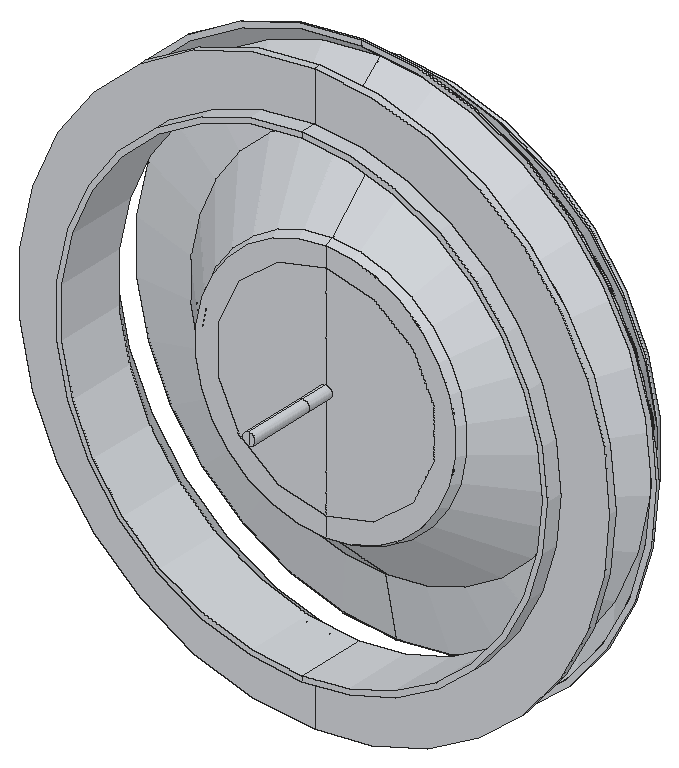
Revit family "BARP", category Generic Models, Revit 2012
Parameters (values of type "BARP-80")
  b = B - 31" / 32  # 4 15/64"
  URL = ""
  Mínima velocidad de cuello = 0 FPM
  Mínima presión estática = 0.00 in-wg
  Máximo nivel de ruido (NC) = ""
  Máxima velocidad de cuello = 0 FPM
  Máxima presión estática = 0.00 in-wg
  Material = ""
  Manufacturer = ""
  Cuello = ""
  C = 35/64"
  B = 5 13/64"
Types (6): name | b | URL | Manufacturer | C | B
  (no name) | 4 15/64" | "" | "" | 35/64" | 5 13/64"
  BARP-80 | 4 15/64" | "" | "" | 35/64" | 5 13/64"
  BARP-100 | 4 35/64" | "http://ww.innes.com.mx" | "INNES" | 45/64" | 5 33/64"
  BARP-125 | 5 9/16" | "" | "" | 25/32" | 6 17/32"
  BARP-150 | 6 29/32" | "" | "" | 25/32" | 7 7/8"
  BARP-200 | 8 23/32" | "" | "" | 53/64" | 9 11/16"
Reference planes (in)
  plane 1 "Center (Front/Back)": y = 0
  plane 2: z = 0
  plane 3 "Center (Left/Right)": x = 0
  plane 4: z = 4.23437
  plane 5: y = -1.92119
  plane 6: y = -1.0625
  plane 7: z = 5.20312
  plane 8: y = -0.0625
  plane 9: y = -1.39063
  plane 10: z = 2.04687
Forms (in)
  Revolve 1, solid
    sketch origin (0, 0, 0) x (0, 1, 0) y (0, 0, 1)
      loop
        line (0, 0) -> (0, 0.10856) -> (-0.4842, 0.10856)
        spline (-0.4842, 0.10856) -> (-0.46526, 0.82844) -> (-0.41461, 1.49556) -> (-0.33571, 2.06446) -> (-0.23394, 2.49637) -> (-0.11622, 2.76186) -> (0.00943, 2.84283) -> (0.13442, 2.73376) -> (0.25026, 2.44209) -> (0.34904, 1.9877) -> (0.42404, 1.40155) -> (0.47014, 0.72358) -> (0.4842, 0)
        line (0.4842, 0) -> (0.56296, 0)
        spline (0.56296, 0) -> (0.54651, 0.74931) -> (0.49283, 1.45125) -> (0.40555, 2.05799) -> (0.29064, 2.52818) -> (0.15593, 2.82978) -> (0.01058, 2.94223) -> (-0.13548, 2.85787) -> (-0.27232, 2.58246) -> (-0.39059, 2.13475) -> (-0.48225, 1.54526) -> (-0.54104, 0.85417) -> (-0.56296, 0.10856)
        line (-0.56296, 0.10856) -> (-1.34907, 0.10856) -> (-1.34907, 2.21427) -> (-1.22467, 2.27229) -> (-0.01114, 3.38834) -> (0.23711, 4.56482)
        arc (0.23711, 4.56482) -> (0.21816, 4.60495) -> (0.17546, 4.59285) r 0.03433
        line (0.17546, 4.59285) -> (-0.0625, 3.45478) -> (-1.24146, 2.36384) -> (-1.39063, 2.29428) -> (-1.39063, 1.94749) -> (-1.39063, 0.10856) -> (-1.8924, 0.10856) -> (-3.07744, 0.10856) -> (-3.07744, 0) -> (0, 0)
      loop
        line (-1.92119, 4.23437) -> (-0.67485, 4.23437) -> (-0.07516, 4.74493)
        arc (-0.07516, 4.74493) -> (-0.06375, 4.76441) -> (-0.06418, 4.78697) r 0.04162
        line (-0.06418, 4.78697) -> (-0.5769, 5.20312) -> (-0.60938, 5.20312) -> (-0.60938, 5.11003) -> (-0.19145, 4.76964) -> (-0.71004, 4.32812) -> (-1.51635, 4.32812) -> (-1.51635, 5.20312) -> (-1.63994, 5.20312) -> (-1.63994, 4.32812) -> (-1.92119, 4.32812) -> (-1.92119, 4.23437)
      axis (0.56296, 0) -> (-3.07744, 0)
    angle from 0 to 360
Dimensions and locks (in)
  Revolve 1 sketch curve to Revolve 1 sketch curve = 1.21115"
  "b": plane 4 to level
  locked: plane 5 to Revolve 1 at 1.15625
  plane 1 "Center (Front/Back)" to plane 8 = 1/16"
  Revolve 1 sketch curve to plane 4 = 3/32"
  locked: plane 1 "Center (Front/Back)" to plane 9 at 1.39063
  locked: plane 10 to level at 2.04688
  Revolve 1 sketch curve to plane 5 = 9/32"
  Revolve 1 sketch curve to Revolve 1 sketch curve = 0.12359"
  locked: plane 7 to plane 4 at 0.96875
  Revolve 1 sketch curve to Revolve 1 sketch curve = 0.07876"  (x2)
  plane 4 to Revolve 1 sketch curve = 1.29164"
  "C": plane 8 to Revolve 1 sketch curve
  Revolve 1 sketch curve to Revolve 1 sketch curve = 0.09419"
  plane 8 to plane 6 = 1"
  angle Revolve 1 sketch curve to Revolve 1 sketch curve = 139.59°
  aligned and locked: plane 2 to level
  aligned and locked: Revolve 1 sketch curve to plane 4
  aligned and locked: Revolve 1 sketch curve to level
  aligned and locked: plane 9 to Revolve 1 sketch curve
  aligned and locked: Revolve 1 sketch curve to Revolve 1 sketch curve  (x3)
  aligned and locked: level to Revolve 1 sketch curve
  aligned and locked: Revolve 1 sketch curve to plane 7
Automatic sketch dimensions
  Revolve 1 sketch curve to level = 0"  (x2)
  Revolve 1 sketch curve to plane 5 = 0"
  Revolve 1 sketch curve to plane 8 = 0"
  Revolve 1 sketch curve to plane 1 "Center (Front/Back)" = 0"  (x3)
  Revolve 1 sketch curve to plane 7 = 0"
  plane 5 to Revolve 1 sketch curve = 1 5/32"
  Revolve 1 sketch curve to Revolve 1 sketch curve = 0.586"
  Revolve 1 sketch curve to plane 5 = 0.02879"
  plane 9 to Revolve 1 sketch curve = 0.04155"
  plane 9 to Revolve 1 sketch curve = 0.14917"
  Revolve 1 sketch curve to Revolve 1 sketch curve = 0.01679"
  Revolve 1 sketch curve to Revolve 1 sketch curve = 0.03247"
  level to Revolve 1 sketch curve = 0.10856"
  plane 6 to Revolve 1 sketch curve = 0.49954"
  plane 8 to Revolve 1 sketch curve = 0.12895"
  plane 8 to Revolve 1 sketch curve = 0.04152"
  plane 8 to Revolve 1 sketch curve = 0.01266"
  plane 8 to Revolve 1 sketch curve = 0.00168"
  plane 1 "Center (Front/Back)" to Revolve 1 sketch curve = 0.01114"
  Revolve 1 sketch curve to plane 1 "Center (Front/Back)" = 0.17546"
  Revolve 1 sketch curve to Revolve 1 sketch curve = 0.02849"
  Revolve 1 sketch curve to Revolve 1 sketch curve = 0.03316"
  Revolve 1 sketch curve to Revolve 1 sketch curve = 1/4"
  Revolve 1 sketch curve to Revolve 1 sketch curve = 0.2342"
  Revolve 1 sketch curve to Revolve 1 sketch curve = 0.09938"
  Revolve 1 sketch curve to plane 10 = 0.09938"
  plane 10 to Revolve 1 sketch curve = 0.1674"
  Revolve 1 sketch curve to Revolve 1 sketch curve = 0.05801"
  Revolve 1 sketch curve to Revolve 1 sketch curve = 0.08001"
  Revolve 1 sketch curve to Revolve 1 sketch curve = 0.09155"
  Revolve 1 sketch curve to plane 4 = 0.84604"
  Revolve 1 sketch curve to Revolve 1 sketch curve = 0.06644"
  plane 4 to Revolve 1 sketch curve = 3/32"
  plane 4 to Revolve 1 sketch curve = 0.33044"
  Revolve 1 sketch curve to Revolve 1 sketch curve = 0.00888"
  Revolve 1 sketch curve to Revolve 1 sketch curve = 0.02999"
  Revolve 1 sketch curve to plane 7 = 0.09309"
